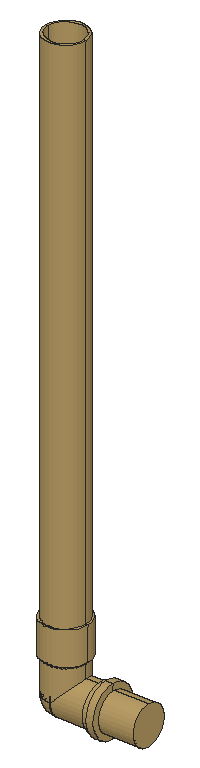
Revit family "BIMLIB_L-образная_трубка_РОСТерм", category Соединительные детали трубопроводов, Revit 2017
Family settings
  Размер круглого соединителя = Использовать диаметр
  Тип детали = Соединение
  На основе рабочей плоскости = Нет
  Всегда вертикально = Да
  При загрузке вырезать с полостями = Нет
  Общий = Нет
Parameters (values of type "L-образная медная трубка")
  Разработчик = ""
  РТ_Высота трубки [instance] = 250.00 mm
  РТ_R [instance] = if(РТ_DN = 16.00 mm, 8.50 mm, if(РТ_DN = 20.00 mm, 8.50 mm, 0.00 mm))  # 8.50 mm
  РТ_GN/2 = РТ_GN / 2  # 7.50 mm
  РТ_GN = 15.00 mm  # constant formula
  РТ_DN/2 [instance] = if(РТ_DN = 16.00 mm, 8.00 mm, if(РТ_DN = 20.00 mm, 10.00 mm, 0.00 mm))  # 8.00 mm
  РТ_DN [instance] = 16.00 mm
  Контакты = ""
  Assembly Code = ""
  URL = "http://rostherm.ru/"
  Model = ""
  Изготовитель = "РОСТерм"  # constant formula
  Описание = "Трубка L-образная для подключения радиатора"  # constant formula
  BL_Разработано = "support@bimlib.ru"  # constant formula
  BL_Email = "rostherm@bimlib.ru"  # constant formula
  BL_BIM library = "https://bimlib.pro/manufacturer/rosterm/1632/"
  ADSK_Примечание = ""
  ADSK_Позиция = ""
  ADSK_Обозначение = "ГОСТ 32415-2013"  # constant formula
  ADSK_Наименование краткое [instance] = if(РТ_DN = 16.00 mm, "L-образная медная трубка 16х15", if(РТ_DN = 20.00 mm, "L-образная медная трубка 20х15", "-"))  # "L-образная медная трубка 16х15"
  ADSK_Наименование [instance] = if(РТ_DN = 16.00 mm, "L-образная медная трубка 16х15", if(РТ_DN = 20.00 mm, "L-образная медная трубка 20х15", "-"))  # "L-образная медная трубка 16х15"
  ADSK_Материал = BIMLIB_Медь_РТ
  ADSK_Масса_Текст = ""
  ADSK_Масса = 0
  ADSK_Марка [instance] = if(РТ_DN = 16.00 mm, "16х15", if(РТ_DN = 20.00 mm, "20х15", "-"))  # "16х15"
  ADSK_Код изделия [instance] = if(РТ_DN = 16.00 mm, "7210", if(РТ_DN = 20.00 mm, "7211", "-"))  # "7210"
  ADSK_Завод-изготовитель = "РОСТерм"  # constant formula
  ADSK_Единица измерения = "шт."  # constant formula
  ADSK_Версия Revit = "2017"  # constant formula
  ADSK_URL страницы изделия = "http://rostherm.ru/"
  ADSK_URL документации изделия = "http://rostherm.ru/"
Reference planes
  plane 1 "Center (Front/Back)": y = 0
  plane 2: z = 0
  plane 3 "Center (Left/Right)": x = 0
  plane 4 "Actual Offset": x = 0
  plane 5: x = -3
  plane 6: x = 15
  plane 7: x = -20
  plane 8: z = 250
Forms (mm)
  Revolve 1, solid, material "BIMLIB_Медь_РТ" <- "ADSK_Материал", detail levels medium+fine
    sketch origin (-22, 0, 0) x (1, 0, 0) y (0, 0, 1)
      loop
        line (19, 4.5) -> (22, 4.5) -> (22, 10.5) -> (19, 10.5) -> (19, 4.5)
      axis (22, 0) -> (19, 0)
    angle from 0 to 360
  Revolve 2, solid, material "BIMLIB_Медь_РТ" <- "ADSK_Материал", detail levels medium+fine
    sketch origin (-22, 0, 0) x (1, 0, 0) y (0, 0, 1)
      loop
        line (19, 7.5) -> (19, 9.3) -> (16.714, 9.3) -> (16.5, 8.5) -> (2, 8.5) -> (2, 7.5) -> (19, 7.5)
      axis (2, 0) -> (19, 0)
    angle from 0 to 360
  Revolve 3, solid, material "BIMLIB_Медь_РТ" <- "ADSK_Материал", detail levels medium+fine
    sketch origin (-20, 0, 3.5) x (1, 0, 0) y (0, 0, 1)
      loop
        line (-7.5, 246.5) -> (-8.5, 246.5) -> (-8.5, 25.503) -> (-9.5, 25.503) -> (-9.5, 11.503)
        arc (-9.5, 11.503) -> (-8.793, 11.21) -> (-8.5, 10.503) r 1
        line (-8.5, 10.503) -> (-8.5, -3.497) -> (-7.5, -3.497) -> (-7.5, 246.5)
      axis (0, -3.497) -> (0, 246.5)
    angle from 0 to 360
  Extrusion 4, solid, material "BIMLIB_Медь_РТ" <- "ADSK_Материал", detail levels medium+fine
    sketch origin (20, -1524, 35.425) x (0, 0, 1) y (0, -1, 0)
      loop
        circle (-35.422, -1524) r 8
    from -20 to -5
  Revolve 5, solid, material "BIMLIB_Медь_РТ" <- "ADSK_Материал", detail levels medium+fine
    sketch origin (0, 0, 0) x (1, 0, 0) y (0, 0, 1)
      loop
        line (-20, -8.5) -> (-20, 0) -> (-28.5, 0)
        arc (-28.5, 0) -> (-26.01, -6.01) -> (-20, -8.5) r 8.5
      axis (-28.5, 0) -> (-20, 0)
    angle from 0 to 360
Lines and regions (mm)
  model lines, detail levels coarse
    curve 1: line (15, 0, 0.003) -> (-20, 0, 0.003)
    curve 2: line (-20, 0, 0.003) -> (-20, 0, 250)
Dimensions and locks
  plane 6 to plane 7 = 35.00 mm
  locked: Revolve 2 sketch curve to Revolve 2 sketch curve at 1
  locked: Revolve 2 sketch curve to Revolve 2 sketch curve at 1.8
  "РТ_GN/2": Revolve 2 sketch curve to Revolve 2 sketch curve
  "РТ_GN/2": plane 7 to Revolve 3 sketch curve
  locked: Revolve 3 sketch curve to Revolve 3 sketch curve at 2
  "РТ_Высота трубки": plane 8 to plane 2
  "РТ_DN": diameter of Extrusion 4 sketch curve
  "РТ_R": radius of Revolve 5 sketch curve
  aligned and locked: level to plane 2
  aligned and locked: Extrusion 4 to plane 3 "Center (Left/Right)"
  aligned and locked: plane 6 to Extrusion 4
  aligned and locked: Revolve 2 to Revolve 5 sketch curve
  aligned and locked: Revolve 5 sketch curve to plane 2
  aligned and locked: plane 8 to Revolve 3 sketch curve
  aligned and locked: plane 8 to curve 2
Automatic sketch dimensions
  plane 5 to Revolve 1 sketch curve = 0.00 mm
  Revolve 1 sketch curve to level = 0.00 mm
  Revolve 1 sketch curve to plane 3 "Center (Left/Right)" = 0.00 mm
  level to Revolve 1 sketch curve = 4.50 mm
  Revolve 1 sketch curve to Revolve 1 sketch curve = 6.00 mm
  Revolve 1 sketch curve to plane 3 "Center (Left/Right)" = 1.50 mm
  Revolve 1 sketch curve to plane 6 = 4.125 mm
  curve 2 to plane 7 = 0.00 mm
  curve 1 to plane 6 = 0.00 mm
  level to curve 1 = 0.003 mm
  Revolve 2 sketch curve to level = 0.00 mm
  Revolve 2 sketch curve to plane 7 = 0.00 mm
  plane 5 to Revolve 2 sketch curve = 0.00 mm
  plane 5 to Revolve 2 sketch curve = 2.50 mm
  Revolve 2 sketch curve to Revolve 2 sketch curve = 0.214 mm
  Revolve 2 sketch curve to plane 7 = 1353.99 mm
  plane 6 to Revolve 2 sketch curve = 1861.983 mm
  Revolve 3 sketch curve to plane 7 = 0.00 mm
  Revolve 3 sketch curve to Revolve 3 sketch curve = 1.00 mm  (x2)
  level to Revolve 3 sketch curve = 0.003 mm
  level to Revolve 3 sketch curve = 14.003 mm
  Revolve 3 sketch curve to Revolve 3 sketch curve = 14.00 mm
  level to Revolve 3 sketch curve = 6.50 mm
  Revolve 3 sketch curve to Revolve 3 sketch curve = 8.528 mm
  Extrusion 4 sketch curve to plane 1 "Center (Front/Back)" = 0.00 mm
  level to Extrusion 4 sketch curve = 0.003 mm
  Revolve 5 sketch curve to level = 0.00 mm
  Revolve 5 sketch curve to Revolve 5 sketch curve = 7.118 mm
  Revolve 5 sketch curve to Revolve 5 sketch curve = 6.882 mm
Connectors
  piping at (15, 0, 0.003), diameter 16, driven by "РТ_DN"
    settings: on Extrusion 4, index 1, connector inside diameter 609.6 mm, connector length 0.00 mm, flow factor 0, pipe flow 0.00 m³/h, pressure drop 0.0 Pa, fitting loss kfactor 0, connector angle 0.00°, fixture units 0, engagement length 0.00 mm, angle of deflection 0.00°, flow configuration 0, flow direction 0, fitting loss method 0, system type 28, joint type 0, gender type 0, connector reference index 2, connector utility 0, adjustable connector no, is connector primary no, connector description ""
  piping at (-20, 0, 250), diameter 15, driven by "РТ_GN"
    settings: on Revolve 3, index 2, connector inside diameter 609.6 mm, connector length 0.00 mm, flow factor 0, pipe flow 0.00 m³/h, pressure drop 0.0 Pa, fitting loss kfactor 0, connector angle 0.00°, fixture units 0, engagement length 0.00 mm, angle of deflection 0.00°, flow configuration 0, flow direction 0, fitting loss method 0, system type 28, joint type 0, gender type 0, connector reference index 1, connector utility 0, adjustable connector no, is connector primary yes, connector description ""
